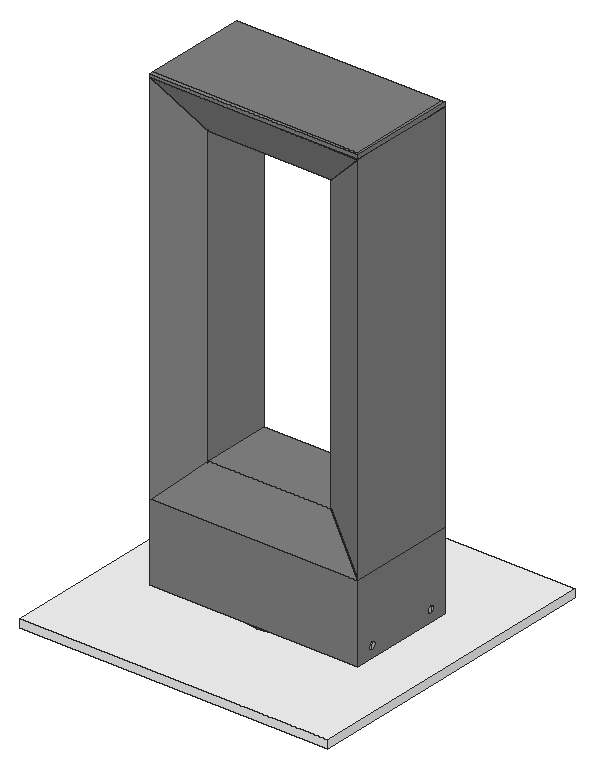
Revit family "BE_88066_de_DE", category Leuchten, Revit 2020
Family settings
  Basisbauteil = Fläche
  Bemaßung runder Anschluss = Durchmesser verwenden
  Teiletyp = Normal
  Beim Laden mit Abzugskörper schneiden = Ja
  Lichtquelle = Ja
  Gemeinsam genutzt = Nein
  Raumberechnungspunkt = Ja
Parameters (values of type "BEGA_88066_Grafit_K4")
  built-in parameter 1150104 = 11.679 (stored number, unit not read)
  Windangriffsfläche = ""
  Werkzeuglos = ""
  Wattage = 10.5 W
  Default Elevation = 0 mm
  built-in parameter 1150113 = 1 (stored number, unit not read)
  built-in parameter 1114218 = 1 (stored number, unit not read)
  Umgebungstemperatur = "25 °C"
  URL = "https://www.bega.com/de/produkt/88066"
  Typenkommentare = "© 2022 BEGA. Wir behalten uns das Recht vor, technische Änderungen ohne vorherige Ankündigung vorzunehmen."  # constant formula
  Type Image = 88066.png
  built-in parameter 1150134 = 12
  built-in parameter 1150109 = 1 (stored number, unit not read)
  Strom = ""
  built-in parameter 1150110 = 1 (stored number, unit not read)
  Spannung = 239.996 V
  Sonderanfertigung = no
  Seriennummer [instance] = "Hier können Sie die eindeutige Seriennummer für das Facility Management eintragen."
  Schutzklasse = "I"
  Schutzart = "IP 65"
  Scheinlast = 0 VA
  Produktdatenblatt = "https://cdn.bega.com/bega/products/88066AK3/current/documents/data-sheets/de"
  Oberflächentemperatur = ""
  Neigungswinkel = 0.00°
  Modell = "88066K4"
  Material_10 = BEGA_Glas_matt
  Material_06 = BEGA_Oberfläche_Edelstahl_gebürstet
  Material_02 = BEGA_Oberfläche_Silber_matt
  Material_01 [instance] = BEGA_Oberfläche_Grafit_matt
  M_W = no
  M_G = yes
  M_A = no
  Logo = 0
  built-in parameter 1114217 = 1 (stored number, unit not read)
  built-in parameter 1150139 = (empty or 0)
  built-in parameter 1150105 = 105.04 (stored number, unit not read)
  built-in parameter 1150114 = 1 (stored number, unit not read)
  Lumens = 1319.96 lm
  built-in parameter 1150115 = 1 (stored number, unit not read)
  Leuchtenlichtstrom = "631 lm"
  Leuchtenanzahl = ""
  Lebensdauerkriterien = "L70B50 @ 25 °C = 200000 h"
  Lastklassifizierung = Beleuchtung
  built-in parameter 1150112 = 1 (stored number, unit not read)
  Lampenlichtstrom = "1305 lm"
  Lampe = "LED 7.8 W"
  LED_Modulbezeichnung = "LED-0322/940"
  built-in parameter 1150142 = (empty or 0)
  Hersteller = "BEGA"  # constant formula
  Halbstreuwinkel = ""
  Gewicht = "9.15 kg"
  Gebrauchslageneinschränkung [instance] = ""
  Frequenz = "0/50-60 Hz"
  Farbwiedergabeindex = "CRI > 90"
  Farbtemperaturverschiebung bei Dämpfen der Lampe = <Keine Auswahl>
  Farbtemperatur = "4000 K"
  Color Filter = 16777215
  Erdstücklänge_E = ""
  Erdstück [instance] = no
  built-in parameter 1150133 = 10 (stored number, unit not read)
  Energieeffizienzklasse = "LED A++ - A"
  Einstecktiefe = ""
  built-in parameter 1150137 = (empty or 0)
  built-in parameter 1150132 = (empty or 0)
  ENEC = "ja"
  Datei für fotometrisches Netz = "BE_88066K4.IES"
  CE_Konformität = "ja"
  Bestellnummer_Erdstück [instance] = if(Erdstück, "70895", "---")  # "---"
  Bestellnummer = "88066K4"
  Beschreibung_Sonderanfertigung = "Hier können Sie Informationen zur Sonderanfertigung eintragen."
  Beschreibung = "Pollerleuchte"
  built-in parameter 1150106 = 1.0504 (stored number, unit not read)
  Belastbarkeit [instance] = ""
  Befestigungsbohrung = ""
  Befestigungsabstand = ""
  BEGA_Intern_aus = yes
  BEGA_Intern_an = yes
  BEGA_Intern_Konstruktion = yes
  BEGA_Intern = yes
  BEGA_IES = yes
  BEGA_Dummy = no
  Anschlussleistung [instance] = "9.5 W"
  built-in parameter 1150107 = 4000 (stored number, unit not read)
  built-in parameter 1150102 = (empty or 0)
  built-in parameter 1150138 = (empty or 0)
  Aktualisierung = "2022-05-19T04:00:07"
  AC/DC = "AC/DC"
Types (4, lengths in mm): name | built-in parameter 1150104 | Wattage | built-in parameter 1150134 | Modell | M_G | M_A | built-in parameter 1150105 | Lumens | Leuchtenlichtstrom | Lampenlichtstrom | LED_Modulbezeichnung | Farbtemperatur | Datei für fotometrisches Netz | Bestellnummer | built-in parameter 1150106 | built-in parameter 1150107
  BEGA_88066_Grafit_K4 | 11.679 (stored number, unit not read) | 10.5 W | 12 | "88066K4" | yes | no | 105.04 (stored number, unit not read) | 1319.96 lm | "631 lm" | "1305 lm" | "LED-0322/940" | "4000 K" | "BE_88066K4.IES" | "88066K4" | 1.0504 (stored number, unit not read) | 4000 (stored number, unit not read)
  BEGA_88066_Silber_K4 | 11.679 (stored number, unit not read) | 10.5 W | 12 | "88066AK4" | no | yes | 105.04 (stored number, unit not read) | 1319.96 lm | "631 lm" | "1305 lm" | "LED-0322/940" | "4000 K" | "BE_88066K4.IES" | "88066AK4" | 1.0504 (stored number, unit not read) | 4000 (stored number, unit not read)
  BEGA_88066_Silber_K3 | 13.8 (stored number, unit not read) | 9.2903 W | 3 | "88066AK3" | no | yes | 109.82 (stored number, unit not read) | 1380 lm | "598 lm" | "1235 lm" | "LED-0322/930" | "3000 K" | "BE_88066K3.IES" | "88066AK3" | 1.0982 (stored number, unit not read) | 3200 (stored number, unit not read)
  BEGA_88066_Grafit_K3 | 10.883 (stored number, unit not read) | 10.5 W | (empty or 0) | "88066K3" | yes | no | 97.878 (stored number, unit not read) | 1229.97 lm | "598 lm" | "1235 lm" | "LED-0322/930" | "3000 K" | "BE_88066K3.IES" | "88066K3" | 0.97878 (stored number, unit not read) | 3000 (stored number, unit not read)
Reference planes
  plane 1 "Mitte (Vorne/Hinten)": y = 0
  plane 2: z = 0
  plane 3 "Mitte (Links/Rechts)": x = 0
  plane 4 "Links": x = -135
  plane 5 "Rechts": x = 135
  plane 6 "Unten": y = -69.964
  plane 7 "Oben": y = 69.964
  plane 8 "Vorne": z = 601.9
Forms (mm)
  Extrusion 1, solid, material "BEGA_Platte_Weiss"
    sketch origin (0, -1119.2, 0) x (1, 0, 0) y (0, 1, 0)
      loop
        line (-200, 1319.2) -> (-200, 919.2) -> (200, 919.2) -> (200, 1319.2) -> (-200, 1319.2)
    from 0 to -10
  Extrusion 2, solid, material "BEGA_Dummy_matt", visible <- "BEGA_Dummy"
    sketch origin (80.095, -76.023, 0) x (1, 0, 0) y (0, 1, 0)
      loop
        line (-215.095, 145.987) -> (-215.095, 6.059) -> (54.905, 6.059) -> (54.905, 145.987) -> (-215.095, 145.987)
    from 0 to 601.9
Dimensions and locks
  plane 1 "Mitte (Vorne/Hinten)" to Extrusion 1 = 200 mm
  aligned and locked: plane 2 to Extrusion 1
  aligned and locked: level to Extrusion 1
Nested families
  nested 1: "BE_88066" at (0, 0, 0), type "BE_88066"
Connectors
  electrical at (0, 0, 0), driven by "Lastklassifizierung", driven by "Spannung", driven by "Scheinlast"
    settings: index 1, voltage 239.996 V, apparent load 0 VA, apparent load phase1 0 VA, apparent load phase2 0 VA, apparent load phase3 0 VA, power factor 1, load classification "Beleuchtung", number of poles 1, system type 31, power factor state 1, is connector primary yes, connector utility no, sub classification motor no, connector description ""
Definition of nested family "BE_88066"
  Parameters (values of type "BE_88066")
    Default Elevation = 1 mm
    URL = "http://www.bega.de/de/produkt"
    Type Comments = "© 2015 BEGA. Wir behalten uns das Recht vor, technische Änderungen ohne vorherige Ankündigung vorzunehmen. "  # constant formula
    Type Image = (empty or 0)
    Material_17 = none
    Material_15 = none
    Material_11 = none
    Material_10 = none
    Material_09 = none
    Material_06 = none
    Material_03 = none
    Material_02 = none
    Material_01 = none
    M_W = yes
    M_G = yes
    M_A = yes
    Länge_Platte = 200 mm  # constant formula
    Höhe_Platte = -10 mm  # constant formula
    Manufacturer = "BEGA"  # constant formula
    Breite_Platte = 200 mm  # constant formula
  Reference planes
    plane 1 "Mitte (Oben/Unten)": y = 0
    plane 2: z = 0
    plane 3 "Mitte (Links/Rechts)": x = 0
    plane 4 "Oben": y = 69.964
    plane 5: x = -135
    plane 6: x = 135
    plane 7: z = 601.9
    plane 8: y = -69.964
  Forms (mm)
    Extrusion 1, solid, detail levels medium
      sketch origin (0, 0, 0) x (1, 0, 0) y (0, 1, 0)
        loop
          line (-100, 100) -> (-100, -100) -> (100, -100) -> (100, 100) -> (-100, 100)
      from 0 to -10 <- "Höhe_Platte"
    Extrusion 2, solid, material <- "Material_01", visible <- "M_G", detail levels medium+fine
      sketch origin (0, 0, 0) x (0, 1, 0) y (0, 0, 1)
        loop
          line (70, 105) -> (45, 158.5) -> (-45, 158.5) -> (-70, 105) -> (-70, 5) -> (-66.5, 5) -> (-62.889, 108.407) -> (-44.154, 148.5) -> (44.154, 148.5) -> (62.069, 110.163) -> (65.741, 5) -> (70, 5) -> (70, 105)
      from -135 to 135
    Extrusion 3, void
      sketch origin (0, 0, 0) x (-1, 0, 0) y (0, 0, -1)
        loop
          line (-135, -105) -> (-141.104, -158.5) -> (-80, -158.5) -> (-135, -105)
      from -73.956 to 72.685
    Extrusion 4, solid, material <- "Material_01", visible <- "M_G", detail levels medium+fine
      sketch origin (0, 0, 0) x (1, 0, 0) y (0, 1, 0)
        loop
          line (-135, 70) -> (-135, -70) -> (-80, -45) -> (-80, 45) -> (-135, 70)
        loop
          line (-82.845, 43.433) -> (-132.229, 65.88) -> (-132.229, -65.88) -> (-82.845, -43.433) -> (-82.845, 43.433)
      from 105 to 595.003
    Extrusion 5, solid, material <- "Material_01", visible <- "M_G", detail levels medium+fine
      sketch origin (0, 0, 0) x (1, 0, 0) y (0, 1, 0)
        loop
          line (-135, 70) -> (-135, -70) -> (-131.563, -68.438) -> (-131.563, 68.438) -> (-135, 70)
      from 5 to 105
    Extrusion 6, solid, material <- "Material_01", visible <- "M_G", detail levels medium+fine
      sketch origin (0, 0, 0) x (-1, 0, 0) y (0, -1, 0)
        loop
          line (-135, -70) -> (-126.162, -65.983) -> (-126.162, 65.983) -> (-135, 70) -> (-135, -70)
      from 5 to 105
    Extrusion 7, solid, material <- "Material_01", visible <- "M_G", detail levels medium+fine
      sketch origin (0, 0, 700.218) x (0, 1, 0) y (0, 0, 1)
        loop
          line (45, -158.5) -> (69.9, -105.215) -> (63.493, -105.215) -> (63.242, -112.393) -> (43.715, -154.181) -> (-43.715, -154.181) -> (-63.242, -112.393) -> (-63.493, -105.215) -> (-69.774, -105.215) -> (-44.875, -158.5) -> (45, -158.5)
      from -135 to 135
    Extrusion 8, void
      sketch origin (0, 0, 0) x (1, 0, 0) y (0, 0, 1)
        loop
          line (-137.492, 597.428) -> (-137.492, 540.964) -> (-79.445, 540.964) -> (-137.492, 597.428)
        loop
          line (140, 599.867) -> (79.445, 540.964) -> (140, 540.964) -> (140, 599.867)
      from -71.887 to 72.666
    Sweep 9, solid, material <- "Material_01", visible <- "M_G", detail levels medium+fine
      path origin (0, 0, 0) x (1, 0, 0) y (0, 1, 0)
        loop
          line (-135, 70) -> (-135, -70) -> (135, -70) -> (135, 70) -> (-135, 70)
      profile origin (-135, 0, 0) x (1, 0, 0) y (0, 0, 1)
        loop
          line (0, 595.4) -> (4.777, 595.4) -> (5, 592.85) -> (8, 592.85) -> (8.838, 597.6) -> (26.312, 597.6) -> (26.312, 601.9) -> (1.5, 601.9) -> (0, 600.4) -> (0, 595.4)
    Extrusion 10, solid, material <- "Material_01", visible <- "M_G", detail levels medium+fine
      sketch origin (0, 0, 0) x (1, 0, 0) y (0, 1, 0)
        loop
          line (108.688, -43.688) -> (108.688, 43.688) -> (-108.688, 43.688) -> (-108.688, -43.688) -> (108.688, -43.688)
      from 597.6 to 601.9
    Extrusion 11, void
      sketch origin (0, 0, 0) x (1, 0, 0) y (0, 0, 1)
        loop
          line (-135, 105) -> (-80, 158.5) -> (-141.104, 158.5) -> (-135, 105)
      from -73.956 to 72.685
    Extrusion 12, solid, material <- "Material_01", visible <- "M_G", detail levels medium+fine
      sketch origin (0, 0, 0) x (-1, 0, 0) y (0, -1, 0)
        loop
          line (-135, -70) -> (-80, -45) -> (-80, 45) -> (-135, 70) -> (-135, -70)
        loop
          line (-82.845, -43.433) -> (-82.845, 43.433) -> (-132.229, 65.88) -> (-132.229, -65.88) -> (-82.845, -43.433)
      from 105 to 595.003
    Extrusion 13, void
      sketch origin (0, 0, 0) x (1, 0, 0) y (0, 0, 1)
        loop
          line (-62.508, 545.8) -> (-62.508, 541.718) -> (62.508, 541.718) -> (62.508, 545.8) -> (-62.508, 545.8)
      from -38.5 to 38.507
    Extrusion 14, solid, material <- "Material_10", detail levels medium+fine
      sketch origin (0, 0, 0) x (1, 0, 0) y (0, 0, 1)
        loop
          line (-62, 541.9) -> (62, 541.9) -> (62, 545.9) -> (-62, 545.9) -> (-62, 541.9)
      from -38.008 to 38.008
    Revolve 15, solid, material <- "Material_01", visible <- "M_G", detail levels medium+fine
      sketch origin (0, 0, 0) x (1, 0, 0) y (0, 0, 1)
        loop
          line (-64.999, 5) -> (-64.999, 0) -> (0, 0) -> (0, 5) -> (-64.999, 5)
        axis (0, 0) -> (0, 5)
      angle from 0 to 360
    Extrusion 16, void
      sketch origin (0, 0, 0) x (1, 0, 0) y (0, 1, 0)
        loop
          circle (-0.005, 0.002) r 21.507
        loop
          arc (-54.494, -1.898) -> (-49.818, -6.259) -> (-45.457, -1.59) r 4.521
          arc (-45.457, -1.59) -> (-44.133, 11) -> (-39.391, 22.737) r 45.489
          arc (-39.391, 22.737) -> (-41.046, 28.913) -> (-47.222, 27.259) r 4.521
          arc (-47.222, 27.259) -> (-52.907, 13.191) -> (-54.494, -1.898) r 54.52
        loop
          arc (24.098, -38.574) -> (12.533, -43.723) -> (-0.004, -45.485) r 45.489
          arc (-0.004, -45.485) -> (-4.525, -50.013) -> (0.011, -54.527) r 4.521
          arc (0.011, -54.527) -> (15.025, -52.416) -> (28.877, -46.25) r 54.519
          arc (28.877, -46.25) -> (30.332, -40.019) -> (24.098, -38.574) r 4.521
        loop
          arc (-14.779, -27.803) -> (-21.871, -22.652) -> (-27.268, -15.744) r 31.483
          arc (-27.268, -15.744) -> (-32.07, -14.455) -> (-33.365, -19.255) r 3.517
          arc (-33.365, -19.255) -> (-26.763, -27.707) -> (-18.087, -34.012) r 38.517
          arc (-18.087, -34.012) -> (-13.331, -32.56) -> (-14.779, -27.803) r 3.517
        loop
          arc (31.46, 1.106) -> (30.545, -7.615) -> (27.261, -15.745) r 31.483
          arc (27.261, -15.745) -> (28.546, -20.549) -> (33.351, -19.267) r 3.517
          arc (33.351, -19.267) -> (37.369, -9.325) -> (38.491, 1.34) r 38.517
          arc (38.491, 1.34) -> (34.858, 4.733) -> (31.46, 1.106) r 3.517
        loop
          arc (21.35, 40.154) -> (31.591, 32.713) -> (39.385, 22.737) r 45.489
          arc (39.385, 22.737) -> (45.568, 21.086) -> (47.209, 27.271) r 4.521
          arc (47.209, 27.271) -> (37.87, 39.22) -> (25.601, 48.135) r 54.519
          arc (25.601, 48.135) -> (19.482, 46.272) -> (21.35, 40.154) r 4.521
        loop
          arc (0.006, 38.514) -> (-10.613, 37.024) -> (-20.409, 32.664) r 38.517
          arc (-20.409, 32.664) -> (-21.534, 27.817) -> (-16.686, 26.696) r 3.517
          arc (-16.686, 26.696) -> (-8.681, 30.26) -> (-0.003, 31.479) r 31.483
          arc (-0.003, 31.479) -> (3.515, 34.992) -> (0.006, 38.514) r 3.517
      from 0 to 7.815
    Revolve 17, solid, material <- "Material_02", visible <- "M_A", detail levels medium+fine
      sketch origin (0, 0, 0) x (1, 0, 0) y (0, 0, 1)
        loop
          line (-64.999, 5) -> (-64.999, 0) -> (0, 0) -> (0, 5) -> (-64.999, 5)
        axis (0, 0) -> (0, 5)
      angle from 0 to 360
    Extrusion 18, solid, material <- "Material_02", visible <- "M_A", detail levels medium+fine
      sketch origin (0, 0, 0) x (0, 1, 0) y (0, 0, 1)
        loop
          line (70, 105) -> (45, 158.5) -> (-45, 158.5) -> (-70, 105) -> (-70, 5) -> (-66.5, 5) -> (-62.889, 108.407) -> (-44.154, 148.5) -> (44.154, 148.5) -> (62.069, 110.163) -> (65.741, 5) -> (70, 5) -> (70, 105)
      from -135 to 135
    Extrusion 19, solid, material <- "Material_02", visible <- "M_A", detail levels medium+fine
      sketch origin (0, 0, 0) x (1, 0, 0) y (0, 1, 0)
        loop
          line (-135, 70) -> (-135, -70) -> (-131.563, -68.438) -> (-131.563, 68.438) -> (-135, 70)
      from 5 to 105
    Extrusion 20, solid, material <- "Material_02", visible <- "M_A", detail levels medium+fine
      sketch origin (0, 0, 0) x (-1, 0, 0) y (0, -1, 0)
        loop
          line (-135, -70) -> (-131.563, -68.438) -> (-131.563, 68.438) -> (-135, 70) -> (-135, -70)
      from 5 to 105
    Extrusion 21, solid, material <- "Material_02", visible <- "M_A", detail levels medium+fine
      sketch origin (0, 0, 0) x (1, 0, 0) y (0, 1, 0)
        loop
          line (-135, 70) -> (-135, -70) -> (-80, -45) -> (-80, 45) -> (-135, 70)
        loop
          line (-82.845, 43.433) -> (-132.229, 65.88) -> (-132.229, -65.88) -> (-82.845, -43.433) -> (-82.845, 43.433)
      from 105 to 595.003
    Extrusion 22, solid, material <- "Material_02", visible <- "M_A", detail levels medium+fine
      sketch origin (0, 0, 0) x (-1, 0, 0) y (0, -1, 0)
        loop
          line (-135, -70) -> (-80, -45) -> (-80, 45) -> (-135, 70) -> (-135, -70)
        loop
          line (-82.845, -43.433) -> (-82.845, 43.433) -> (-132.229, 65.88) -> (-132.229, -65.88) -> (-82.845, -43.433)
      from 105 to 595.003
    Extrusion 23, solid, material <- "Material_02", visible <- "M_A", detail levels medium+fine
      sketch origin (0, 0, 700.218) x (0, 1, 0) y (0, 0, 1)
        loop
          line (45, -158.5) -> (69.9, -105.215) -> (63.493, -105.215) -> (63.242, -112.393) -> (43.715, -154.181) -> (-43.715, -154.181) -> (-63.242, -112.393) -> (-63.493, -105.215) -> (-69.774, -105.215) -> (-44.875, -158.5) -> (45, -158.5)
      from -135 to 135
    Sweep 24, solid, material <- "Material_02", visible <- "M_A", detail levels medium+fine
      path origin (0, 0, 0) x (1, 0, 0) y (0, 1, 0)
        loop
          line (-135, 70) -> (-135, -70) -> (135, -70) -> (135, 70) -> (-135, 70)
      profile origin (-135, 0, 0) x (1, 0, 0) y (0, 0, 1)
        loop
          line (0, 595.4) -> (4.777, 595.4) -> (5, 592.85) -> (8, 592.85) -> (8.838, 597.6) -> (26.312, 597.6) -> (26.312, 601.9) -> (1.5, 601.9) -> (0, 600.4) -> (0, 595.4)
    Extrusion 25, solid, material <- "Material_02", visible <- "M_A", detail levels medium+fine
      sketch origin (0, 0, 0) x (1, 0, 0) y (0, 1, 0)
        loop
          line (108.688, -43.688) -> (108.688, 43.688) -> (-108.688, 43.688) -> (-108.688, -43.688) -> (108.688, -43.688)
      from 597.6 to 601.9
    Revolve 26, void
      sketch origin (0, -47.5, 0) x (1, 0, 0) y (0, 0, 1)
        loop
          line (-128.887, 20) -> (-128.887, 24.5) -> (-135, 24.5) -> (-135, 20) -> (-128.887, 20)
        axis (-135, 20) -> (-128.887, 20)
      angle from 0 to 360
    Revolve 27, void
      sketch origin (0, 47.5, 0) x (1, 0, 0) y (0, 0, -1)
        loop
          line (-128.887, -20) -> (-135, -20) -> (-135, -24.5) -> (-128.887, -24.5) -> (-128.887, -20)
        axis (-135, -20) -> (-128.887, -20)
      angle from 0 to 360
    Revolve 28, void
      sketch origin (0, -47.5, 0) x (-1, 0, 0) y (0, 0, -1)
        loop
          line (-128.887, -20) -> (-135, -20) -> (-135, -24.5) -> (-128.887, -24.5) -> (-128.887, -20)
        axis (-135, -20) -> (-128.887, -20)
      angle from 0 to 360
    Revolve 29, void
      sketch origin (0, 47.5, 0) x (-1, 0, 0) y (0, 0, 1)
        loop
          line (-128.887, 20) -> (-128.887, 24.5) -> (-135, 24.5) -> (-135, 20) -> (-128.887, 20)
        axis (-135, 20) -> (-128.887, 20)
      angle from 0 to 360
    Revolve 30, solid, material <- "Material_06", detail levels fine
      sketch origin (0, -47.5, 0) x (1, 0, 0) y (0, 0, 1)
        loop
          line (-115, 24) -> (-135, 24) -> (-135, 20) -> (-112.698, 20) -> (-112.698, 21.698) -> (-115, 24)
        axis (-135, 20) -> (-112.698, 20)
      angle from 0 to 360
    Revolve 31, solid, material <- "Material_06", detail levels fine
      sketch origin (0, 47.5, 0) x (1, 0, 0) y (0, 0, -1)
        loop
          line (-115, -24) -> (-112.698, -21.698) -> (-112.698, -20) -> (-135, -20) -> (-135, -24) -> (-115, -24)
        axis (-135, -20) -> (-112.698, -20)
      angle from 0 to 360
    Revolve 32, solid, material <- "Material_06", detail levels fine
      sketch origin (0, -47.5, 0) x (-1, 0, 0) y (0, 0, -1)
        loop
          line (-115, -24) -> (-112.698, -21.698) -> (-112.698, -20) -> (-135, -20) -> (-135, -24) -> (-115, -24)
        axis (-135, -20) -> (-112.698, -20)
      angle from 0 to 360
    Revolve 33, solid, material <- "Material_06", detail levels fine
      sketch origin (0, 47.5, 0) x (-1, 0, 0) y (0, 0, 1)
        loop
          line (-115, 24) -> (-135, 24) -> (-135, 20) -> (-112.698, 20) -> (-112.698, 21.698) -> (-115, 24)
        axis (-135, 20) -> (-112.698, 20)
      angle from 0 to 360
    Revolve 34, void
      sketch origin (0, 30, 0) x (1, 0, 0) y (0, 0, 1)
        loop
          line (66.35, 546.7) -> (66.35, 541.718) -> (71, 541.718) -> (71, 546.7) -> (66.35, 546.7)
        axis (71, 546.7) -> (71, 541.718)
      angle from 0 to 360
    Revolve 35, void
      sketch origin (0, -30, 0) x (1, 0, 0) y (0, 0, -1)
        loop
          line (66.35, -546.7) -> (71, -546.7) -> (71, -541.718) -> (66.35, -541.718) -> (66.35, -546.7)
        axis (71, -546.7) -> (71, -541.718)
      angle from 0 to 360
    Revolve 36, void
      sketch origin (0, 30, 0) x (-1, 0, 0) y (0, 0, -1)
        loop
          line (66.35, -546.7) -> (71, -546.7) -> (71, -541.718) -> (66.35, -541.718) -> (66.35, -546.7)
        axis (71, -546.7) -> (71, -541.718)
      angle from 0 to 360
    Revolve 37, void
      sketch origin (0, -30, 0) x (-1, 0, 0) y (0, 0, 1)
        loop
          line (66.35, 546.7) -> (66.35, 541.718) -> (71, 541.718) -> (71, 546.7) -> (66.35, 546.7)
        axis (71, 546.7) -> (71, 541.718)
      angle from 0 to 360
    Revolve 38, solid, material <- "Material_06", detail levels fine
      sketch origin (71, 0, 0) x (0, 1, 0) y (0, 0, 1)
        loop
          line (30, 545.8) -> (25.75, 545.8) -> (25.75, 541.718) -> (30, 541.718) -> (30, 545.8)
        axis (30, 541.718) -> (30, 545.8)
      angle from 0 to 360
    Revolve 39, solid, material <- "Material_06", detail levels fine
      sketch origin (71, 0, 0) x (0, -1, 0) y (0, 0, -1)
        loop
          line (30, -545.8) -> (30, -541.718) -> (25.75, -541.718) -> (25.75, -545.8) -> (30, -545.8)
        axis (30, -541.718) -> (30, -545.8)
      angle from 0 to 360
    Revolve 40, solid, material <- "Material_06", detail levels fine
      sketch origin (-71, 0, 0) x (0, 1, 0) y (0, 0, -1)
        loop
          line (30, -545.8) -> (30, -541.718) -> (25.75, -541.718) -> (25.75, -545.8) -> (30, -545.8)
        axis (30, -541.718) -> (30, -545.8)
      angle from 0 to 360
    Revolve 41, solid, material <- "Material_06", detail levels fine
      sketch origin (-71, 0, 0) x (0, -1, 0) y (0, 0, 1)
        loop
          line (30, 545.8) -> (25.75, 545.8) -> (25.75, 541.718) -> (30, 541.718) -> (30, 545.8)
        axis (30, 541.718) -> (30, 545.8)
      angle from 0 to 360
    Extrusion 42, solid, material <- "Material_01", visible <- "M_G", detail levels medium+fine
      sketch origin (0, 0, 0) x (1, 0, 0) y (0, 0, 1)
        loop
          line (-107.968, 9) -> (-110.622, 85) -> (-115.122, 85) -> (-112.329, 5) -> (112.329, 5) -> (115.122, 85) -> (110.622, 85) -> (107.968, 9) -> (-107.968, 9)
      from -60 to 60
    Extrusion 43, void
      sketch origin (0, 0, 0) x (1, 0, 0) y (0, 1, 0)
        loop
          circle (0, 0) r 62.069
      from 5 to 21.213
    Extrusion 44, solid, material <- "Material_02", visible <- "M_A", detail levels medium+fine
      sketch origin (0, 0, 0) x (1, 0, 0) y (0, 0, 1)
        loop
          line (-107.968, 9) -> (-110.622, 85) -> (-115.122, 85) -> (-112.329, 5) -> (112.329, 5) -> (115.122, 85) -> (110.622, 85) -> (107.968, 9) -> (-107.968, 9)
      from -60 to 60
  Cuts and joins
    Extrusion 3, Extrusion 11, Extrusion 16, Revolve 26, Revolve 27, Revolve 28, Revolve 29, Extrusion 43 cuts Extrusion 2
    Extrusion 11, Extrusion 16, Revolve 26, Revolve 27, Revolve 28, Revolve 29, Extrusion 43 cuts Extrusion 5
    Extrusion 11, Extrusion 16, Revolve 26, Revolve 27, Revolve 28, Revolve 29, Extrusion 43 cuts Extrusion 6
    joined: Extrusion 2, Extrusion 5, Extrusion 6
    Extrusion 8, Extrusion 13, Revolve 34, Revolve 35, Revolve 36, Revolve 37 cuts Extrusion 7
    joined: Sweep 9, Extrusion 10
    Extrusion 16, Extrusion 43 cuts Revolve 15
    Extrusion 16, Extrusion 43 cuts Revolve 17
    Extrusion 3, Extrusion 11, Revolve 26, Revolve 27, Revolve 28, Revolve 29, Extrusion 43 cuts Extrusion 18
    Revolve 26, Revolve 27, Revolve 28, Revolve 29, Extrusion 43 cuts Extrusion 19
    Revolve 26, Revolve 27, Revolve 28, Revolve 29, Extrusion 43 cuts Extrusion 20
    joined: Extrusion 18, Extrusion 19, Extrusion 20, Extrusion 21, Extrusion 22
    Extrusion 8, Extrusion 13, Revolve 34, Revolve 35, Revolve 36, Revolve 37 cuts Extrusion 23
    joined: Sweep 24, Extrusion 25
    Extrusion 43 cuts Extrusion 42
    Extrusion 43 cuts Extrusion 44
  Lines and regions (mm)
    model lines
      curve 1: line (0, -4.5, 20) -> (0, 0, 20)
  Dimensions and locks
    equal spacing: Extrusion 1 sketch curve, plane 3 "Mitte (Links/Rechts)", Extrusion 1 sketch curve
    equal spacing: Extrusion 1 sketch curve, plane 1 "Mitte (Oben/Unten)", Extrusion 1 sketch curve
    "Länge_Platte": Extrusion 1 sketch curve to Extrusion 1 sketch curve
    "Breite_Platte": Extrusion 1 sketch curve to Extrusion 1 sketch curve
    aligned and locked: plane 2 to Extrusion 1
    aligned and locked: level to Extrusion 1
  Automatic sketch dimensions
    curve 1 to plane 1 "Mitte (Oben/Unten)" = 0 mm
    level to curve 1 = 20 mm
    plane 1 "Mitte (Oben/Unten)" to curve 1 = 4.5 mm
    plane 1 "Mitte (Oben/Unten)" to Extrusion 2 sketch curve = 70 mm
    Extrusion 2 sketch curve to Extrusion 2 sketch curve = 3.5 mm
    Extrusion 2 sketch curve to Extrusion 2 sketch curve = 7.111 mm
    plane 1 "Mitte (Oben/Unten)" to Extrusion 2 sketch curve = 45 mm
    Extrusion 2 sketch curve to Extrusion 2 sketch curve = 0.846 mm  (x2)
    Extrusion 2 sketch curve to plane 1 "Mitte (Oben/Unten)" = 44.154 mm
    Extrusion 2 sketch curve to Extrusion 2 sketch curve = 17.915 mm
    level to Extrusion 2 sketch curve = 5 mm  (x2)
    Extrusion 2 sketch curve to plane 1 "Mitte (Oben/Unten)" = 65.741 mm
    Extrusion 2 sketch curve to Extrusion 2 sketch curve = 4.259 mm
    Extrusion 2 sketch curve to Extrusion 2 sketch curve = 3.407 mm
    Extrusion 2 sketch curve to Extrusion 2 sketch curve = 5.163 mm
    Extrusion 2 sketch curve to Extrusion 2 sketch curve = 38.337 mm
    Extrusion 2 sketch curve to Extrusion 2 sketch curve = 10 mm
    Extrusion 3 sketch curve to Extrusion 3 sketch curve = 6.104 mm
    Extrusion 3 sketch curve to Extrusion 3 sketch curve = 61.104 mm
    Extrusion 4 sketch curve to Extrusion 4 sketch curve = 2.771 mm
    Extrusion 4 sketch curve to Extrusion 4 sketch curve = 49.383 mm
    Extrusion 4 sketch curve to Extrusion 4 sketch curve = 2.845 mm
    plane 1 "Mitte (Oben/Unten)" to Extrusion 4 sketch curve = 70 mm
    Extrusion 4 sketch curve to Extrusion 4 sketch curve = 4.12 mm  (x2)
    plane 1 "Mitte (Oben/Unten)" to Extrusion 4 sketch curve = 45 mm
    Extrusion 4 sketch curve to Extrusion 4 sketch curve = 1.567 mm  (x2)
    Extrusion 4 sketch curve to plane 1 "Mitte (Oben/Unten)" = 43.433 mm
    Extrusion 4 sketch curve to Extrusion 4 sketch curve = 22.447 mm
    Extrusion 5 sketch curve to Extrusion 5 sketch curve = 3.437 mm
    plane 1 "Mitte (Oben/Unten)" to Extrusion 5 sketch curve = 70 mm
    Extrusion 5 sketch curve to Extrusion 5 sketch curve = 1.562 mm  (x2)
    Extrusion 5 sketch curve to plane 1 "Mitte (Oben/Unten)" = 68.438 mm
    Extrusion 6 sketch curve to Extrusion 6 sketch curve = 8.838 mm
    Extrusion 6 sketch curve to plane 1 "Mitte (Oben/Unten)" = 70 mm
    Extrusion 6 sketch curve to Extrusion 6 sketch curve = 4.017 mm  (x2)
    plane 1 "Mitte (Oben/Unten)" to Extrusion 6 sketch curve = 65.983 mm
    Extrusion 7 sketch curve to plane 1 "Mitte (Oben/Unten)" = 69.774 mm
    Extrusion 7 sketch curve to Extrusion 7 sketch curve = 6.281 mm
    Extrusion 7 sketch curve to Extrusion 7 sketch curve = 0.251 mm  (x2)
    Extrusion 7 sketch curve to plane 1 "Mitte (Oben/Unten)" = 44.875 mm
    Extrusion 7 sketch curve to Extrusion 7 sketch curve = 1.16 mm
    plane 1 "Mitte (Oben/Unten)" to Extrusion 7 sketch curve = 43.715 mm
    Extrusion 7 sketch curve to Extrusion 7 sketch curve = 1.285 mm
    Extrusion 7 sketch curve to Extrusion 7 sketch curve = 19.527 mm
    Extrusion 7 sketch curve to Extrusion 7 sketch curve = 6.406 mm
    Extrusion 7 sketch curve to Extrusion 7 sketch curve = 0 mm
    Extrusion 7 sketch curve to Extrusion 7 sketch curve = 7.178 mm  (x2)
    Extrusion 7 sketch curve to Extrusion 7 sketch curve = 41.789 mm
    Extrusion 7 sketch curve to Extrusion 7 sketch curve = 4.319 mm
    Extrusion 8 sketch curve to Extrusion 8 sketch curve = 58.047 mm
    plane 3 "Mitte (Links/Rechts)" to Extrusion 8 sketch curve = 79.445 mm
    Extrusion 8 sketch curve to Extrusion 8 sketch curve = 0 mm
    Extrusion 8 sketch curve to Extrusion 8 sketch curve = 56.464 mm
    Extrusion 8 sketch curve to Extrusion 8 sketch curve = 58.903 mm
    plane 1 "Mitte (Oben/Unten)" to Sweep 9 sketch curve = 70 mm
    Sweep 9 sketch curve to plane 1 "Mitte (Oben/Unten)" = 70 mm
    profile plane to Sweep 9 sketch curve = 0 mm
    Sweep 9 sketch curve to profile plane = 1.5 mm
    Sweep 9 sketch curve to profile plane = 4.777 mm
    Sweep 9 sketch curve to Sweep 9 sketch curve = 0.223 mm
    Sweep 9 sketch curve to Sweep 9 sketch curve = 3 mm
    Sweep 9 sketch curve to Sweep 9 sketch curve = 4.061 mm
    Sweep 9 sketch curve to Sweep 9 sketch curve = 17.474 mm
    level to Sweep 9 sketch curve = 592.85 mm
    Sweep 9 sketch curve to Sweep 9 sketch curve = 2.55 mm
    Sweep 9 sketch curve to Sweep 9 sketch curve = 2.2 mm
    Sweep 9 sketch curve to Sweep 9 sketch curve = 5 mm
    Sweep 9 sketch curve to Sweep 9 sketch curve = 4.3 mm
    plane 1 "Mitte (Oben/Unten)" to Extrusion 10 sketch curve = 43.688 mm
    Extrusion 10 sketch curve to plane 1 "Mitte (Oben/Unten)" = 43.688 mm
    Extrusion 11 sketch curve to Extrusion 11 sketch curve = 6.104 mm
    Extrusion 11 sketch curve to Extrusion 11 sketch curve = 61.104 mm
    Extrusion 12 sketch curve to Extrusion 12 sketch curve = 2.771 mm
    Extrusion 12 sketch curve to Extrusion 12 sketch curve = 49.383 mm
    Extrusion 12 sketch curve to Extrusion 12 sketch curve = 2.845 mm
    Extrusion 12 sketch curve to plane 1 "Mitte (Oben/Unten)" = 70 mm
    Extrusion 12 sketch curve to Extrusion 12 sketch curve = 4.12 mm  (x2)
    Extrusion 12 sketch curve to plane 1 "Mitte (Oben/Unten)" = 45 mm
    Extrusion 12 sketch curve to Extrusion 12 sketch curve = 1.567 mm  (x2)
    plane 1 "Mitte (Oben/Unten)" to Extrusion 12 sketch curve = 43.433 mm
    Extrusion 12 sketch curve to Extrusion 12 sketch curve = 22.447 mm
    Extrusion 13 sketch curve to plane 3 "Mitte (Links/Rechts)" = 62.508 mm
    plane 3 "Mitte (Links/Rechts)" to Extrusion 13 sketch curve = 62.508 mm
    Extrusion 13 sketch curve to Extrusion 13 sketch curve = 4.082 mm
    Extrusion 14 sketch curve to plane 3 "Mitte (Links/Rechts)" = 62 mm
    plane 3 "Mitte (Links/Rechts)" to Extrusion 14 sketch curve = 62 mm
    Extrusion 14 sketch curve to Extrusion 14 sketch curve = 4 mm
    Revolve 15 sketch curve to level = 0 mm  (x2)
    Revolve 15 sketch curve to plane 3 "Mitte (Links/Rechts)" = 0 mm  (x2)
    level to Revolve 15 sketch curve = 5 mm
    Revolve 15 sketch curve to Revolve 15 sketch curve = 64.999 mm
    Revolve 15 sketch curve to Revolve 15 sketch curve = 8.718 mm
    Extrusion 16 sketch curve to Extrusion 16 sketch curve = 0 mm  (x28)
    plane 1 "Mitte (Oben/Unten)" to Extrusion 16 sketch curve = 0 mm
    Extrusion 16 sketch curve to plane 3 "Mitte (Links/Rechts)" = 0 mm
    Extrusion 16 sketch curve to plane 3 "Mitte (Links/Rechts)" = 0.002 mm
    Extrusion 16 sketch curve to plane 3 "Mitte (Links/Rechts)" = 0.003 mm  (x3)
    Extrusion 16 sketch curve to plane 3 "Mitte (Links/Rechts)" = 0.004 mm  (x2)
    Extrusion 16 sketch curve to plane 3 "Mitte (Links/Rechts)" = 0.005 mm
    plane 1 "Mitte (Oben/Unten)" to Extrusion 16 sketch curve = 0.002 mm
    Extrusion 16 sketch curve to Extrusion 16 sketch curve = 0.002 mm  (x2)
    Extrusion 16 sketch curve to Extrusion 16 sketch curve = 0.007 mm  (x2)
    Extrusion 16 sketch curve to plane 3 "Mitte (Links/Rechts)" = 16.435 mm
    Extrusion 16 sketch curve to plane 3 "Mitte (Links/Rechts)" = 18.55 mm
    Extrusion 16 sketch curve to Extrusion 16 sketch curve = 13.879 mm
    Extrusion 16 sketch curve to Extrusion 16 sketch curve = 24.757 mm
    plane 1 "Mitte (Oben/Unten)" to Extrusion 16 sketch curve = 1.74 mm
    Extrusion 16 sketch curve to Extrusion 16 sketch curve = 19.661 mm
    plane 3 "Mitte (Links/Rechts)" to Extrusion 16 sketch curve = 0.004 mm
    plane 3 "Mitte (Links/Rechts)" to Extrusion 16 sketch curve = 23.472 mm
    plane 3 "Mitte (Links/Rechts)" to Extrusion 16 sketch curve = 26.494 mm
    plane 1 "Mitte (Oben/Unten)" to Extrusion 16 sketch curve = 17.504 mm
    Extrusion 16 sketch curve to Extrusion 16 sketch curve = 3.814 mm
    Extrusion 16 sketch curve to plane 1 "Mitte (Oben/Unten)" = 1.217 mm
    Extrusion 16 sketch curve to Extrusion 16 sketch curve = 4.668 mm
    Extrusion 16 sketch curve to Extrusion 16 sketch curve = 8.325 mm
    plane 1 "Mitte (Oben/Unten)" to Extrusion 16 sketch curve = 30.906 mm
    Extrusion 16 sketch curve to Extrusion 16 sketch curve = 24.905 mm
    Extrusion 16 sketch curve to Extrusion 16 sketch curve = 19.1 mm
    plane 1 "Mitte (Oben/Unten)" to Extrusion 16 sketch curve = 17.503 mm
    Extrusion 16 sketch curve to Extrusion 16 sketch curve = 0.001 mm
    plane 1 "Mitte (Oben/Unten)" to Extrusion 16 sketch curve = 0.005 mm
    plane 1 "Mitte (Oben/Unten)" to Extrusion 16 sketch curve = 0.003 mm
    Extrusion 16 sketch curve to plane 1 "Mitte (Oben/Unten)" = 0.002 mm
    Extrusion 16 sketch curve to plane 1 "Mitte (Oben/Unten)" = 24.997 mm
    Extrusion 16 sketch curve to plane 1 "Mitte (Oben/Unten)" = 24.998 mm
    Extrusion 16 sketch curve to Extrusion 16 sketch curve = 4.681 mm
    Extrusion 16 sketch curve to Extrusion 16 sketch curve = 5.318 mm
    Extrusion 16 sketch curve to Extrusion 16 sketch curve = 9.149 mm
    Extrusion 16 sketch curve to Extrusion 16 sketch curve = 1.656 mm
    Extrusion 16 sketch curve to Extrusion 16 sketch curve = 1.864 mm
    Extrusion 16 sketch curve to Extrusion 16 sketch curve = 1.651 mm
    Extrusion 16 sketch curve to Extrusion 16 sketch curve = 1.859 mm
    Extrusion 16 sketch curve to Extrusion 16 sketch curve = 3.046 mm  (x2)
    Extrusion 16 sketch curve to Extrusion 16 sketch curve = 3.05 mm
    Extrusion 16 sketch curve to Extrusion 16 sketch curve = 3.916 mm  (x2)
    plane 1 "Mitte (Oben/Unten)" to Extrusion 16 sketch curve = 1.59 mm
    Extrusion 16 sketch curve to Extrusion 16 sketch curve = 4.519 mm
    Extrusion 16 sketch curve to Extrusion 16 sketch curve = 3.915 mm
    plane 3 "Mitte (Links/Rechts)" to Extrusion 16 sketch curve = 0.006 mm
    plane 3 "Mitte (Links/Rechts)" to Extrusion 16 sketch curve = 0.011 mm
    Extrusion 16 sketch curve to Extrusion 16 sketch curve = 2.123 mm
    Extrusion 16 sketch curve to Extrusion 16 sketch curve = 2.396 mm
    Extrusion 16 sketch curve to Extrusion 16 sketch curve = 2.129 mm
    Extrusion 16 sketch curve to Extrusion 16 sketch curve = 2.384 mm
    Extrusion 16 sketch curve to plane 1 "Mitte (Oben/Unten)" = 1.106 mm
    Extrusion 16 sketch curve to Extrusion 16 sketch curve = 3.516 mm
    Extrusion 16 sketch curve to Extrusion 16 sketch curve = 3.043 mm
    Extrusion 16 sketch curve to plane 1 "Mitte (Oben/Unten)" = 1.34 mm
    Extrusion 16 sketch curve to Extrusion 16 sketch curve = 3.908 mm
    Extrusion 16 sketch curve to Extrusion 16 sketch curve = 1.752 mm
    Extrusion 16 sketch curve to Extrusion 16 sketch curve = 1.764 mm
    Extrusion 16 sketch curve to Extrusion 16 sketch curve = 3.103 mm
    Extrusion 16 sketch curve to Extrusion 16 sketch curve = 3.834 mm
    Extrusion 16 sketch curve to Extrusion 16 sketch curve = 2.261 mm
    Extrusion 16 sketch curve to Extrusion 16 sketch curve = 2.983 mm
    Revolve 17 sketch curve to level = 0 mm  (x2)
    Revolve 17 sketch curve to plane 3 "Mitte (Links/Rechts)" = 0 mm  (x2)
    level to Revolve 17 sketch curve = 5 mm
    Revolve 17 sketch curve to Revolve 17 sketch curve = 64.999 mm
    Revolve 17 sketch curve to Revolve 17 sketch curve = 8.718 mm
    plane 1 "Mitte (Oben/Unten)" to Extrusion 18 sketch curve = 70 mm
    Extrusion 18 sketch curve to Extrusion 18 sketch curve = 3.5 mm
    Extrusion 18 sketch curve to Extrusion 18 sketch curve = 7.111 mm
    plane 1 "Mitte (Oben/Unten)" to Extrusion 18 sketch curve = 45 mm
    Extrusion 18 sketch curve to Extrusion 18 sketch curve = 0.846 mm  (x2)
    Extrusion 18 sketch curve to plane 1 "Mitte (Oben/Unten)" = 44.154 mm
    Extrusion 18 sketch curve to Extrusion 18 sketch curve = 17.915 mm
    level to Extrusion 18 sketch curve = 5 mm  (x2)
    Extrusion 18 sketch curve to plane 1 "Mitte (Oben/Unten)" = 65.741 mm
    Extrusion 18 sketch curve to Extrusion 18 sketch curve = 4.259 mm
    Extrusion 18 sketch curve to Extrusion 18 sketch curve = 3.407 mm
    Extrusion 18 sketch curve to Extrusion 18 sketch curve = 5.163 mm
    Extrusion 18 sketch curve to Extrusion 18 sketch curve = 38.337 mm
    Extrusion 18 sketch curve to Extrusion 18 sketch curve = 10 mm
    Extrusion 19 sketch curve to Extrusion 19 sketch curve = 3.437 mm
    plane 1 "Mitte (Oben/Unten)" to Extrusion 19 sketch curve = 70 mm
    Extrusion 19 sketch curve to Extrusion 19 sketch curve = 1.562 mm  (x2)
    Extrusion 19 sketch curve to plane 1 "Mitte (Oben/Unten)" = 68.438 mm
    Extrusion 20 sketch curve to Extrusion 20 sketch curve = 3.437 mm
    Extrusion 20 sketch curve to plane 1 "Mitte (Oben/Unten)" = 70 mm
    Extrusion 20 sketch curve to Extrusion 20 sketch curve = 1.562 mm  (x2)
    plane 1 "Mitte (Oben/Unten)" to Extrusion 20 sketch curve = 68.438 mm
    Extrusion 21 sketch curve to Extrusion 21 sketch curve = 2.771 mm
    Extrusion 21 sketch curve to Extrusion 21 sketch curve = 49.383 mm
    Extrusion 21 sketch curve to Extrusion 21 sketch curve = 2.845 mm
    plane 1 "Mitte (Oben/Unten)" to Extrusion 21 sketch curve = 70 mm
    Extrusion 21 sketch curve to Extrusion 21 sketch curve = 4.12 mm  (x2)
    plane 1 "Mitte (Oben/Unten)" to Extrusion 21 sketch curve = 45 mm
    Extrusion 21 sketch curve to Extrusion 21 sketch curve = 1.567 mm  (x2)
    Extrusion 21 sketch curve to plane 1 "Mitte (Oben/Unten)" = 43.433 mm
    Extrusion 21 sketch curve to Extrusion 21 sketch curve = 22.447 mm
    Extrusion 22 sketch curve to Extrusion 22 sketch curve = 2.771 mm
    Extrusion 22 sketch curve to Extrusion 22 sketch curve = 49.383 mm
    Extrusion 22 sketch curve to Extrusion 22 sketch curve = 2.845 mm
    Extrusion 22 sketch curve to plane 1 "Mitte (Oben/Unten)" = 70 mm
    Extrusion 22 sketch curve to Extrusion 22 sketch curve = 4.12 mm  (x2)
    Extrusion 22 sketch curve to plane 1 "Mitte (Oben/Unten)" = 45 mm
    Extrusion 22 sketch curve to Extrusion 22 sketch curve = 1.567 mm  (x2)
    plane 1 "Mitte (Oben/Unten)" to Extrusion 22 sketch curve = 43.433 mm
    Extrusion 22 sketch curve to Extrusion 22 sketch curve = 22.447 mm
    Extrusion 23 sketch curve to plane 1 "Mitte (Oben/Unten)" = 69.774 mm
    Extrusion 23 sketch curve to Extrusion 23 sketch curve = 6.281 mm
    Extrusion 23 sketch curve to Extrusion 23 sketch curve = 0.251 mm  (x2)
    Extrusion 23 sketch curve to plane 1 "Mitte (Oben/Unten)" = 44.875 mm
    Extrusion 23 sketch curve to Extrusion 23 sketch curve = 1.16 mm
    plane 1 "Mitte (Oben/Unten)" to Extrusion 23 sketch curve = 43.715 mm
    Extrusion 23 sketch curve to Extrusion 23 sketch curve = 1.285 mm
    Extrusion 23 sketch curve to Extrusion 23 sketch curve = 19.527 mm
    Extrusion 23 sketch curve to Extrusion 23 sketch curve = 6.406 mm
    Extrusion 23 sketch curve to Extrusion 23 sketch curve = 0 mm
    Extrusion 23 sketch curve to Extrusion 23 sketch curve = 7.178 mm  (x2)
    Extrusion 23 sketch curve to Extrusion 23 sketch curve = 41.789 mm
    Extrusion 23 sketch curve to Extrusion 23 sketch curve = 4.319 mm
    plane 1 "Mitte (Oben/Unten)" to Sweep 24 sketch curve = 70 mm
    Sweep 24 sketch curve to plane 1 "Mitte (Oben/Unten)" = 70 mm
    profile plane to Sweep 24 sketch curve = 0 mm
    Sweep 24 sketch curve to profile plane = 1.5 mm
    Sweep 24 sketch curve to profile plane = 4.777 mm
    Sweep 24 sketch curve to Sweep 24 sketch curve = 0.223 mm
    Sweep 24 sketch curve to Sweep 24 sketch curve = 3 mm
    Sweep 24 sketch curve to Sweep 24 sketch curve = 4.061 mm
    Sweep 24 sketch curve to Sweep 24 sketch curve = 17.474 mm
    level to Sweep 24 sketch curve = 592.85 mm
    Sweep 24 sketch curve to Sweep 24 sketch curve = 2.55 mm
    Sweep 24 sketch curve to Sweep 24 sketch curve = 2.2 mm
    Sweep 24 sketch curve to Sweep 24 sketch curve = 5 mm
    Sweep 24 sketch curve to Sweep 24 sketch curve = 4.3 mm
    plane 1 "Mitte (Oben/Unten)" to Extrusion 25 sketch curve = 43.688 mm
    Extrusion 25 sketch curve to plane 1 "Mitte (Oben/Unten)" = 43.688 mm
    level to Revolve 26 sketch curve = 24.5 mm
    Revolve 26 sketch curve to Revolve 26 sketch curve = 6.113 mm
    Revolve 26 sketch curve to Revolve 26 sketch curve = 4.5 mm
    Revolve 26 sketch curve to Revolve 26 sketch curve = 0 mm  (x2)
    Revolve 26 sketch curve to Revolve 26 sketch curve = 10.148 mm
    level to Revolve 27 sketch curve = 24.5 mm
    Revolve 27 sketch curve to Revolve 27 sketch curve = 6.113 mm
    Revolve 27 sketch curve to Revolve 27 sketch curve = 4.5 mm
    Revolve 27 sketch curve to Revolve 27 sketch curve = 0 mm  (x2)
    Revolve 27 sketch curve to Revolve 27 sketch curve = 10.148 mm
    level to Revolve 28 sketch curve = 24.5 mm
    Revolve 28 sketch curve to Revolve 28 sketch curve = 6.113 mm
    Revolve 28 sketch curve to Revolve 28 sketch curve = 4.5 mm
    Revolve 28 sketch curve to Revolve 28 sketch curve = 0 mm  (x2)
    Revolve 28 sketch curve to Revolve 28 sketch curve = 10.148 mm
    level to Revolve 29 sketch curve = 24.5 mm
    Revolve 29 sketch curve to Revolve 29 sketch curve = 6.113 mm
    Revolve 29 sketch curve to Revolve 29 sketch curve = 4.5 mm
    Revolve 29 sketch curve to Revolve 29 sketch curve = 0 mm  (x2)
    Revolve 29 sketch curve to Revolve 29 sketch curve = 10.148 mm
    level to Revolve 30 sketch curve = 24 mm
    Revolve 30 sketch curve to Revolve 30 sketch curve = 20 mm
    Revolve 30 sketch curve to Revolve 30 sketch curve = 2.302 mm  (x2)
    Revolve 30 sketch curve to Revolve 30 sketch curve = 4 mm
    Revolve 30 sketch curve to Revolve 30 sketch curve = 0 mm  (x2)
    Revolve 30 sketch curve to Revolve 30 sketch curve = 8.992 mm
    level to Revolve 31 sketch curve = 24 mm
    Revolve 31 sketch curve to Revolve 31 sketch curve = 20 mm
    Revolve 31 sketch curve to Revolve 31 sketch curve = 2.302 mm  (x2)
    Revolve 31 sketch curve to Revolve 31 sketch curve = 1.698 mm
    Revolve 31 sketch curve to Revolve 31 sketch curve = 0 mm  (x2)
    Revolve 31 sketch curve to Revolve 31 sketch curve = 8.992 mm
    level to Revolve 32 sketch curve = 24 mm
    Revolve 32 sketch curve to Revolve 32 sketch curve = 20 mm
    Revolve 32 sketch curve to Revolve 32 sketch curve = 2.302 mm  (x2)
    Revolve 32 sketch curve to Revolve 32 sketch curve = 1.698 mm
    Revolve 32 sketch curve to Revolve 32 sketch curve = 0 mm  (x2)
    Revolve 32 sketch curve to Revolve 32 sketch curve = 8.992 mm
    level to Revolve 33 sketch curve = 24 mm
    Revolve 33 sketch curve to Revolve 33 sketch curve = 20 mm
    Revolve 33 sketch curve to Revolve 33 sketch curve = 2.302 mm  (x2)
    Revolve 33 sketch curve to Revolve 33 sketch curve = 4 mm
    Revolve 33 sketch curve to Revolve 33 sketch curve = 0 mm  (x2)
    Revolve 33 sketch curve to Revolve 33 sketch curve = 8.992 mm
    plane 3 "Mitte (Links/Rechts)" to Revolve 34 sketch curve = 66.35 mm
    Revolve 34 sketch curve to Revolve 34 sketch curve = 4.65 mm
    Revolve 34 sketch curve to Revolve 34 sketch curve = 4.982 mm
    Revolve 34 sketch curve to Revolve 34 sketch curve = 0 mm  (x2)
    Revolve 34 sketch curve to Revolve 34 sketch curve = 1.259 mm
    plane 3 "Mitte (Links/Rechts)" to Revolve 35 sketch curve = 66.35 mm
    Revolve 35 sketch curve to Revolve 35 sketch curve = 4.65 mm
    Revolve 35 sketch curve to Revolve 35 sketch curve = 4.982 mm
    Revolve 35 sketch curve to Revolve 35 sketch curve = 0 mm  (x2)
    Revolve 35 sketch curve to Revolve 35 sketch curve = 1.259 mm
    Revolve 36 sketch curve to plane 3 "Mitte (Links/Rechts)" = 66.35 mm
    Revolve 36 sketch curve to Revolve 36 sketch curve = 4.65 mm
    Revolve 36 sketch curve to Revolve 36 sketch curve = 4.982 mm
    Revolve 36 sketch curve to Revolve 36 sketch curve = 0 mm  (x2)
    Revolve 36 sketch curve to Revolve 36 sketch curve = 1.259 mm
    Revolve 37 sketch curve to plane 3 "Mitte (Links/Rechts)" = 66.35 mm
    Revolve 37 sketch curve to Revolve 37 sketch curve = 4.65 mm
    Revolve 37 sketch curve to Revolve 37 sketch curve = 4.982 mm
    Revolve 37 sketch curve to Revolve 37 sketch curve = 0 mm  (x2)
    Revolve 37 sketch curve to Revolve 37 sketch curve = 1.259 mm
    Revolve 38 sketch curve to plane 1 "Mitte (Oben/Unten)" = 25.75 mm
    Revolve 38 sketch curve to Revolve 38 sketch curve = 4.25 mm
    Revolve 38 sketch curve to Revolve 38 sketch curve = 4.082 mm
    Revolve 38 sketch curve to Revolve 38 sketch curve = 0 mm  (x2)
    Revolve 38 sketch curve to Revolve 38 sketch curve = 2.254 mm
    plane 1 "Mitte (Oben/Unten)" to Revolve 39 sketch curve = 25.75 mm
    Revolve 39 sketch curve to Revolve 39 sketch curve = 4.25 mm
    Revolve 39 sketch curve to Revolve 39 sketch curve = 4.082 mm
    Revolve 39 sketch curve to Revolve 39 sketch curve = 0 mm  (x2)
    Revolve 39 sketch curve to Revolve 39 sketch curve = 2.254 mm
    Revolve 40 sketch curve to plane 1 "Mitte (Oben/Unten)" = 25.75 mm
    Revolve 40 sketch curve to Revolve 40 sketch curve = 4.25 mm
    Revolve 40 sketch curve to Revolve 40 sketch curve = 4.082 mm
    Revolve 40 sketch curve to Revolve 40 sketch curve = 0 mm  (x2)
    Revolve 40 sketch curve to Revolve 40 sketch curve = 2.254 mm
    plane 1 "Mitte (Oben/Unten)" to Revolve 41 sketch curve = 25.75 mm
    Revolve 41 sketch curve to Revolve 41 sketch curve = 4.25 mm
    Revolve 41 sketch curve to Revolve 41 sketch curve = 4.082 mm
    Revolve 41 sketch curve to Revolve 41 sketch curve = 0 mm  (x2)
    Revolve 41 sketch curve to Revolve 41 sketch curve = 2.254 mm
    Extrusion 4 sketch curve to plane 3 "Mitte (Links/Rechts)" = 135 mm
    Extrusion 5 sketch curve to plane 3 "Mitte (Links/Rechts)" = 135 mm
    Extrusion 8 sketch curve to plane 3 "Mitte (Links/Rechts)" = 79.445 mm
    Sweep 9 sketch curve to plane 3 "Mitte (Links/Rechts)" = 135 mm
    Extrusion 10 sketch curve to plane 3 "Mitte (Links/Rechts)" = 108.688 mm
    Extrusion 11 sketch curve to plane 3 "Mitte (Links/Rechts)" = 141.104 mm
    Extrusion 19 sketch curve to plane 3 "Mitte (Links/Rechts)" = 135 mm
    Extrusion 21 sketch curve to plane 3 "Mitte (Links/Rechts)" = 135 mm
    Sweep 24 sketch curve to plane 3 "Mitte (Links/Rechts)" = 135 mm
    Extrusion 25 sketch curve to plane 3 "Mitte (Links/Rechts)" = 108.688 mm
    Revolve 26 sketch curve to plane 3 "Mitte (Links/Rechts)" = 135 mm
    Revolve 27 sketch curve to plane 3 "Mitte (Links/Rechts)" = 135 mm
    Revolve 30 sketch curve to plane 3 "Mitte (Links/Rechts)" = 135 mm
    Revolve 31 sketch curve to plane 3 "Mitte (Links/Rechts)" = 135 mm
    Extrusion 3 sketch curve to plane 3 "Mitte (Links/Rechts)" = 141.104 mm
    Extrusion 6 sketch curve to plane 3 "Mitte (Links/Rechts)" = 135 mm
    Extrusion 8 sketch curve to Extrusion 8 sketch curve = 60.555 mm
    plane 3 "Mitte (Links/Rechts)" to Sweep 9 sketch curve = 135 mm
    plane 3 "Mitte (Links/Rechts)" to Extrusion 10 sketch curve = 108.688 mm
    Extrusion 12 sketch curve to plane 3 "Mitte (Links/Rechts)" = 135 mm
    Extrusion 20 sketch curve to plane 3 "Mitte (Links/Rechts)" = 135 mm
    Extrusion 22 sketch curve to plane 3 "Mitte (Links/Rechts)" = 135 mm
    plane 3 "Mitte (Links/Rechts)" to Sweep 24 sketch curve = 135 mm
    plane 3 "Mitte (Links/Rechts)" to Extrusion 25 sketch curve = 108.688 mm
    plane 3 "Mitte (Links/Rechts)" to Revolve 28 sketch curve = 135 mm
    plane 3 "Mitte (Links/Rechts)" to Revolve 29 sketch curve = 135 mm
    plane 3 "Mitte (Links/Rechts)" to Revolve 32 sketch curve = 135 mm
    plane 3 "Mitte (Links/Rechts)" to Revolve 33 sketch curve = 135 mm
    Extrusion 2 sketch curve to Extrusion 2 sketch curve = 100 mm  (x2)
    Extrusion 3 sketch curve to level = 105 mm
    Extrusion 3 sketch curve to Extrusion 3 sketch curve = 53.5 mm
    Extrusion 7 sketch curve to level = 595.003 mm
    level to Extrusion 8 sketch curve = 540.964 mm
    level to Extrusion 11 sketch curve = 105 mm
    Extrusion 11 sketch curve to Extrusion 11 sketch curve = 53.5 mm
    level to Extrusion 13 sketch curve = 541.718 mm
    level to Extrusion 14 sketch curve = 541.9 mm
    Extrusion 18 sketch curve to Extrusion 18 sketch curve = 100 mm  (x2)
    Extrusion 23 sketch curve to level = 595.003 mm
    level to Revolve 34 sketch curve = 541.718 mm
    level to Revolve 35 sketch curve = 546.7 mm
    level to Revolve 36 sketch curve = 546.7 mm
    level to Revolve 37 sketch curve = 541.718 mm
    level to Revolve 38 sketch curve = 541.718 mm
    level to Revolve 39 sketch curve = 545.8 mm
    level to Revolve 40 sketch curve = 545.8 mm
    level to Revolve 41 sketch curve = 541.718 mm
    plane 5 to Extrusion 42 sketch curve = 19.878 mm
    plane 5 to Extrusion 42 sketch curve = 22.671 mm
    Extrusion 42 sketch curve to Extrusion 42 sketch curve = 4.5 mm  (x2)
    level to Extrusion 42 sketch curve = 9 mm
    Extrusion 42 sketch curve to Extrusion 42 sketch curve = 4.36 mm  (x2)
    plane 6 to Extrusion 42 sketch curve = 27.032 mm
    plane 6 to Extrusion 42 sketch curve = 24.378 mm
    level to Extrusion 42 sketch curve = 5 mm
    Extrusion 42 sketch curve to Extrusion 42 sketch curve = 76 mm  (x2)
    plane 1 "Mitte (Oben/Unten)" to Extrusion 43 sketch curve = 0 mm
    Extrusion 43 sketch curve to plane 3 "Mitte (Links/Rechts)" = 0 mm
    plane 5 to Extrusion 44 sketch curve = 19.878 mm
    level to Extrusion 44 sketch curve = 5 mm
    plane 5 to Extrusion 44 sketch curve = 22.671 mm
    Extrusion 44 sketch curve to Extrusion 44 sketch curve = 4.5 mm  (x2)
    level to Extrusion 44 sketch curve = 9 mm
    Extrusion 44 sketch curve to Extrusion 44 sketch curve = 4.36 mm  (x2)
    plane 6 to Extrusion 44 sketch curve = 27.032 mm
    plane 6 to Extrusion 44 sketch curve = 24.378 mm
    Extrusion 44 sketch curve to Extrusion 44 sketch curve = 76 mm  (x2)
    radius of Extrusion 16 sketch curve = 21.507 mm
    radius of Extrusion 43 sketch curve = 62.069 mm
